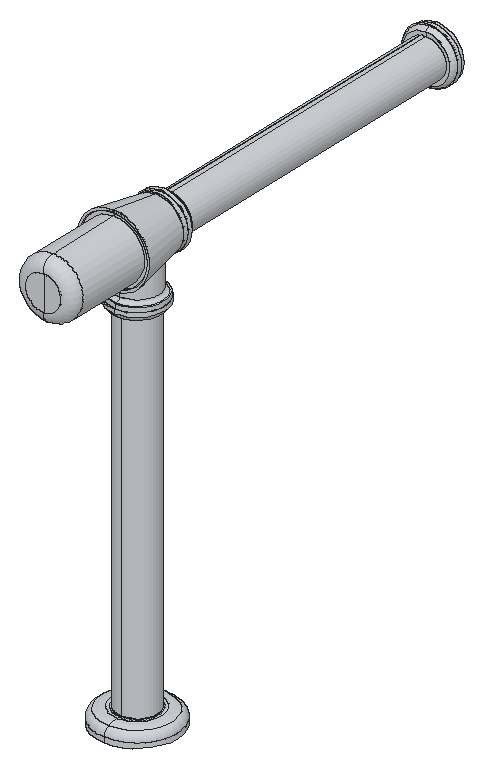
Revit family "Plumbing-Bottle_Trap-KOHLER-Complementary-K-75823IN", category Plumbing Fixtures, host Face, Revit 2022 (continued)
Definition of nested family "K-75823IN"
  Automatic sketch dimensions
    curve 96 to curve 95 = 0.01181"
    curve 244 to curve 243 = 0.01181"
    curve 95 to curve 94 = 0.0118"
    curve 243 to curve 242 = 0.01181"
    curve 94 to curve 93 = 0.01181"
    curve 242 to curve 241 = 0.01181"
    curve 93 to curve 92 = 0.01181"
    curve 241 to curve 240 = 0.01181"
    curve 92 to curve 91 = 0.0118"
    curve 240 to curve 239 = 0.01181"
    curve 91 to curve 90 = 0.01181"
    curve 239 to curve 238 = 0.01181"
    curve 90 to curve 89 = 0.01181"
    curve 238 to curve 237 = 0.01181"
    curve 89 to curve 88 = 0.01181"
    curve 237 to curve 236 = 0.01181"
    curve 88 to curve 87 = 0.01181"
    curve 236 to curve 235 = 0.01181"
    curve 87 to curve 86 = 0.01181"
    curve 235 to curve 234 = 0.01181"
    curve 86 to curve 85 = 0.0118"
    curve 234 to curve 233 = 0.01181"
    curve 85 to curve 84 = 0.01181"
    curve 233 to curve 232 = 0.01181"
    curve 84 to curve 83 = 0.01181"
    curve 232 to curve 231 = 0.01181"
    curve 83 to curve 82 = 0.0118"
    curve 231 to curve 230 = 0.01181"
    curve 82 to curve 81 = 0.01181"
    curve 230 to curve 229 = 0.01181"
    curve 81 to curve 80 = 0.01181"
    curve 229 to curve 228 = 0.01181"
    curve 80 to curve 79 = 0.0118"
    curve 228 to curve 227 = 0.01181"
    curve 79 to curve 78 = 0.01181"
    curve 227 to curve 226 = 0.01181"
    curve 78 to curve 77 = 0.01181"
    curve 226 to curve 225 = 0.01181"
    curve 77 to curve 76 = 0.01181"
    curve 225 to curve 224 = 0.01181"
    curve 76 to curve 75 = 0.01181"
    curve 224 to curve 223 = 0.01181"
    curve 75 to curve 74 = 0.01181"
    curve 223 to curve 222 = 0.01181"
    curve 74 to curve 73 = 0.0118"
    curve 222 to curve 221 = 0.01181"
    curve 73 to curve 72 = 0.01181"
    curve 221 to curve 220 = 0.01181"
    curve 72 to curve 71 = 0.01181"
    curve 220 to curve 219 = 0.01181"
    curve 71 to curve 70 = 0.0118"
    curve 219 to curve 218 = 0.01181"
    curve 70 to curve 69 = 0.01181"
    curve 218 to curve 217 = 0.01181"
    curve 69 to curve 68 = 0.01181"
    curve 217 to curve 216 = 0.01181"
    curve 68 to curve 67 = 0.0118"
    curve 216 to curve 215 = 0.01181"
    curve 67 to curve 66 = 0.01181"
    curve 215 to curve 214 = 0.01181"
    curve 66 to curve 65 = 0.01181"
    curve 214 to curve 213 = 0.01181"
    curve 65 to curve 64 = 0.01181"
    curve 213 to curve 212 = 0.01181"
    curve 64 to curve 63 = 0.01181"
    curve 212 to curve 211 = 0.01181"
    curve 211 to curve 13 = 0.00067"
    curve 63 to curve 12 = 0.01056"
    curve 63 to curve 62 = 0.01181"
    curve 211 to curve 210 = 0.01181"
    curve 62 to curve 61 = 0.0118"
    curve 210 to curve 209 = 0.01181"
    curve 61 to curve 60 = 0.01181"
    curve 209 to curve 208 = 0.01181"
    curve 60 to curve 59 = 0.01181"
    curve 208 to curve 207 = 0.01181"
    curve 59 to curve 58 = 0.0118"
    curve 207 to curve 206 = 0.01181"
    curve 58 to curve 57 = 0.01181"
    curve 206 to curve 205 = 0.01181"
    curve 57 to curve 56 = 0.01181"
    curve 205 to curve 204 = 0.01181"
    curve 56 to curve 55 = 0.0118"
    curve 204 to curve 203 = 0.01181"
    curve 55 to curve 54 = 0.01181"
    curve 203 to curve 202 = 0.01181"
    curve 54 to curve 53 = 0.01181"
    curve 202 to curve 201 = 0.01181"
    curve 53 to curve 52 = 0.01181"
    curve 201 to curve 200 = 0.01181"
    curve 52 to curve 51 = 0.01181"
    curve 10 to curve 5 = 0.09245"
    curve 200 to curve 199 = 0.01181"
    curve 51 to curve 50 = 0.01181"
    curve 199 to curve 198 = 0.01181"
    curve 50 to curve 49 = 0.0118"
    curve 198 to curve 197 = 0.01181"
    curve 49 to curve 48 = 0.01181"
    curve 197 to curve 196 = 0.01181"
    curve 48 to curve 47 = 0.01181"
    curve 196 to curve 195 = 0.01181"
    curve 47 to curve 46 = 0.0118"
    curve 195 to curve 194 = 0.01181"
    curve 46 to curve 45 = 0.01181"
    curve 194 to curve 193 = 0.01181"
    curve 44 to curve 11 = 0.01147"
    curve 193 to curve 192 = 0.01181"
    curve 8 to curve 42 = 0.01181"
    curve 15 to curve 190 = 0.01181"
    curve 42 to curve 41 = 0.01181"
    curve 41 to curve 7 = 0.0118"
    curve 1 to plane 7 = 0.33465"
    curve 9 to plane 7 = 0.13227"
    curve 265 to curve 14 = 0"
    curve 265 to curve 266 = 0"  (x2)
    curve 14 to curve 190 = 0"
    curve 13 to curve 286 = 0.15707"
    curve 12 to plane 4 = 0.08064"
    curve 8 to curve 41 = 0"
    curve 8 to curve 42 = 0"
    curve 117 to curve 8 = 0"
    curve 116 to curve 117 = 0"
    curve 110 to curve 110 = 0.11822"
    curve 2 to plane 5 = 0.33525"
    curve 9 to plane 5 = 0.33525"
    curve 1 to curve 9 = 0"
    curve 265 to curve 15 = 0"
    curve 15 to curve 190 = 0"
    curve 17 to plane 8 = 0"
    curve 711 to plane 1 "Center (Front/Back)" = 0"
    curve 562 to plane 9 = 0"
    curve 413 to plane 9 = 0"
    curve 19 to plane 5 = 0.41744"
    curve 23 to plane 4 = 0.55105"
    curve 19 to plane 4 = 0.41744"
    curve 23 to curve 25 = 0.19461"
    curve 25 to curve 564 = 0.11822"
    plane 11 to curve 29 = 0.25589"
    curve 29 to curve 416 = 0.11807"
    plane 8 to curve 18 = 0.15717"
    curve 18 to curve 19 = 0.11822"
    curve 724 to curve 21 = 0.8301"
    curve 29 to curve 413 = 0.8606"
    curve 21 to curve 25 = 0.00242"
    curve 415 to curve 30 = 0.01181"
    curve 489 to plane 12 = 0.28666"
    curve 30 to plane 12 = 0.28666"
    plane 1 "Center (Front/Back)" to curve 710 = 0.01169"
    curve 709 to curve 710 = 0.01181"
    curve 708 to curve 709 = 0.01181"
    curve 707 to curve 708 = 0.01181"
    curve 706 to curve 707 = 0.01181"
    curve 705 to curve 706 = 0.01181"
    curve 704 to curve 705 = 0.01181"
    curve 703 to curve 704 = 0.01181"
    curve 702 to curve 703 = 0.01181"
    curve 701 to curve 702 = 0.01181"
    curve 700 to curve 701 = 0.01181"
    curve 699 to curve 700 = 0.01181"
    curve 698 to curve 699 = 0.01181"
    curve 697 to curve 698 = 0.01181"
    curve 696 to curve 697 = 0.01181"
    curve 695 to curve 696 = 0.01181"
    curve 694 to curve 695 = 0.01181"
    curve 693 to curve 694 = 0.01181"
    curve 692 to curve 693 = 0.01181"
    curve 691 to curve 692 = 0.01181"
    curve 690 to curve 691 = 0.01181"
    curve 689 to curve 690 = 0.01181"
    curve 688 to curve 689 = 0.01181"
    curve 687 to curve 688 = 0.01181"
    curve 686 to curve 687 = 0.01181"
    curve 685 to curve 686 = 0.01181"
    curve 684 to curve 685 = 0.01181"
    curve 683 to curve 684 = 0.01181"
    curve 682 to curve 683 = 0.01181"
    curve 681 to curve 682 = 0.01181"
    curve 680 to curve 681 = 0.01181"
    curve 679 to curve 680 = 0.01181"
    curve 678 to curve 679 = 0.01181"
    curve 677 to curve 678 = 0.01181"
    curve 676 to curve 677 = 0.01181"
    curve 675 to curve 676 = 0.01181"
    curve 674 to curve 675 = 0.01181"
    curve 673 to curve 674 = 0.01181"
    curve 672 to curve 673 = 0.01181"
    curve 671 to curve 672 = 0.01181"
    curve 670 to curve 671 = 0.01181"
    curve 669 to curve 670 = 0.01181"
    curve 668 to curve 669 = 0.01181"
    curve 667 to curve 668 = 0.01181"
    curve 666 to curve 667 = 0.01181"
    curve 665 to curve 666 = 0.01181"
    curve 664 to curve 665 = 0.01181"
    curve 663 to curve 664 = 0.01181"
    curve 662 to curve 663 = 0.01181"
    curve 661 to curve 662 = 0.01181"
    curve 660 to curve 661 = 0.01181"
    curve 659 to curve 660 = 0.01181"
    plane 1 "Center (Front/Back)" to curve 16 = 0.62485"
    curve 17 to curve 659 = 0.0108"
    curve 658 to curve 659 = 0.01181"
    curve 657 to curve 658 = 0.01181"
    curve 656 to curve 657 = 0.01181"
    curve 655 to curve 656 = 0.01181"
    curve 654 to curve 655 = 0.01181"
    curve 653 to curve 654 = 0.01181"
    curve 652 to curve 653 = 0.01181"
    curve 651 to curve 652 = 0.01181"
    curve 650 to curve 651 = 0.01181"
    curve 649 to curve 650 = 0.01181"
    curve 648 to curve 649 = 0.01181"
    curve 647 to curve 648 = 0.01181"
    curve 646 to curve 647 = 0.01181"
    curve 645 to curve 646 = 0.01181"
    curve 644 to curve 645 = 0.01181"
    curve 20 to curve 644 = 0.00274"
    curve 643 to curve 644 = 0.01181"
    curve 642 to curve 643 = 0.01181"
    curve 21 to curve 20 = 0.02401"
    curve 641 to curve 642 = 0.01181"
    curve 640 to curve 641 = 0.01181"
    curve 639 to curve 640 = 0.01181"
    curve 637 to curve 19 = 0.01181"
    curve 22 to plane 5 = 0.33525"
    curve 711 to curve 785 = 0.01169"
    curve 785 to curve 784 = 0.01181"
    curve 784 to curve 783 = 0.01181"
    curve 783 to curve 782 = 0.01181"
    curve 782 to curve 781 = 0.01181"
    curve 781 to curve 780 = 0.01181"
    curve 780 to curve 779 = 0.01181"
    curve 779 to curve 778 = 0.01181"
    curve 778 to curve 777 = 0.01181"
    curve 777 to curve 776 = 0.01181"
    curve 776 to curve 775 = 0.01181"
    curve 775 to curve 774 = 0.01181"
    curve 774 to curve 773 = 0.01181"
    curve 773 to curve 772 = 0.01181"
    curve 772 to curve 771 = 0.01181"
    curve 771 to curve 770 = 0.01181"
    curve 770 to curve 769 = 0.01181"
    curve 769 to curve 768 = 0.01181"
    curve 768 to curve 767 = 0.01181"
    curve 767 to curve 766 = 0.01181"
    curve 766 to curve 765 = 0.01181"
    curve 765 to curve 764 = 0.01181"
    curve 764 to curve 763 = 0.01181"
    curve 763 to curve 762 = 0.01181"
    curve 762 to curve 761 = 0.01181"
    curve 761 to curve 760 = 0.01181"
    curve 760 to curve 759 = 0.01181"
    curve 759 to curve 758 = 0.01181"
    curve 758 to curve 757 = 0.01181"
    curve 757 to curve 756 = 0.01181"
    curve 756 to curve 755 = 0.01181"
    curve 755 to curve 754 = 0.01181"
    curve 754 to curve 753 = 0.01181"
    curve 753 to curve 752 = 0.01181"
    curve 752 to curve 751 = 0.01181"
    curve 751 to curve 750 = 0.01181"
    curve 750 to curve 749 = 0.01181"
    curve 749 to curve 748 = 0.01181"
    curve 748 to curve 747 = 0.01181"
    curve 747 to curve 746 = 0.01181"
    curve 746 to curve 745 = 0.01181"
    curve 745 to curve 744 = 0.01181"
    curve 744 to curve 743 = 0.01181"
    curve 743 to curve 742 = 0.01181"
    curve 742 to curve 741 = 0.01181"
    curve 741 to curve 740 = 0.01181"
    curve 740 to curve 739 = 0.01181"
    curve 739 to curve 738 = 0.01181"
    curve 738 to curve 737 = 0.01181"
    curve 737 to curve 736 = 0.01181"
    curve 736 to curve 735 = 0.01181"
    curve 735 to curve 734 = 0.01181"
    curve 734 to curve 17 = 0.0108"
    curve 16 to plane 1 "Center (Front/Back)" = 0.62485"
    curve 734 to curve 733 = 0.01181"
    curve 733 to curve 732 = 0.01181"
    curve 732 to curve 731 = 0.01181"
    curve 731 to curve 730 = 0.01181"
    curve 730 to curve 729 = 0.01181"
    curve 729 to curve 728 = 0.01181"
    curve 728 to curve 727 = 0.01181"
    curve 727 to curve 726 = 0.01181"
    curve 726 to curve 725 = 0.01181"
    curve 725 to curve 724 = 0.01181"
    curve 724 to curve 723 = 0.01181"
    curve 723 to curve 722 = 0.01181"
    curve 722 to curve 721 = 0.01181"
    curve 721 to curve 720 = 0.01181"
    curve 21 to curve 24 = 0.057"
    curve 720 to curve 719 = 0.01181"
    curve 719 to curve 20 = 0.00274"
    curve 719 to curve 718 = 0.01181"
    curve 718 to curve 717 = 0.01181"
    curve 717 to curve 716 = 0.01181"
    curve 716 to curve 715 = 0.01181"
    curve 715 to curve 714 = 0.01181"
    curve 18 to curve 712 = 0.01181"
    curve 488 to curve 25 = 0"
    curve 565 to curve 25 = 0"
    curve 563 to curve 25 = 0"
    curve 488 to curve 26 = 0.00014"
    curve 563 to curve 26 = 0.00014"
    curve 565 to curve 26 = 0.00014"
    curve 27 to plane 4 = 0.08064"
    curve 28 to curve 360 = 0.15707"
    curve 339 to curve 29 = 0"
    curve 341 to curve 29 = 0"
    curve 416 to curve 29 = 0"
    curve 414 to curve 29 = 0"
    curve 414 to curve 30 = 0"
    curve 415 to curve 30 = 0"
    curve 417 to curve 418 = 0"
    curve 341 to curve 30 = 0"
    curve 339 to curve 30 = 0"
    level to curve 16 = 0.47218"
    curve 715 to curve 714 = 0"  (x2)
    curve 18 to curve 712 = 0"
    curve 639 to curve 640 = 0"  (x2)
    curve 637 to curve 18 = 0"
    curve 637 to curve 19 = 0"
    curve 19 to curve 712 = 0"
    curve 644 to curve 20 = 0.13774"
    curve 20 to curve 21 = 0.43038"
    curve 21 to curve 22 = 0.18011"
    curve 414 to curve 29 = 0.01181"
    curve 563 to curve 26 = 0.01181"
    curve 25 to curve 565 = 0.01181"
    curve 565 to curve 566 = 0.01181"
    curve 416 to curve 417 = 0.01181"
    curve 417 to curve 418 = 0.01181"
    curve 566 to curve 567 = 0.01181"
    curve 418 to curve 419 = 0.01181"
    curve 567 to curve 568 = 0.01181"
    curve 419 to curve 420 = 0.01181"
    curve 568 to curve 569 = 0.01181"
    curve 420 to curve 421 = 0.01181"
    curve 569 to curve 570 = 0.01181"
    curve 421 to curve 422 = 0.01181"
    curve 570 to curve 571 = 0.01181"
    curve 422 to curve 423 = 0.01181"
    curve 571 to curve 572 = 0.01181"
    curve 21 to curve 24 = 0.10527"
    curve 423 to curve 424 = 0.01181"
    curve 572 to curve 573 = 0.01181"
    curve 424 to curve 425 = 0.01181"
    curve 573 to curve 574 = 0.01181"
    curve 574 to curve 575 = 0.01181"
    curve 425 to curve 426 = 0.01181"
    curve 575 to curve 576 = 0.01181"
    curve 426 to curve 427 = 0.01181"
    curve 427 to curve 428 = 0.01181"
    curve 576 to curve 577 = 0.01181"
    curve 428 to curve 429 = 0.01181"
    curve 577 to curve 578 = 0.01181"
    curve 578 to curve 579 = 0.01181"
    curve 429 to curve 430 = 0.01181"
    curve 430 to curve 431 = 0.01181"
    curve 579 to curve 580 = 0.01181"
    curve 580 to curve 581 = 0.01181"
    curve 431 to curve 432 = 0.01181"
    curve 581 to curve 582 = 0.01181"
    curve 432 to curve 433 = 0.01181"
    curve 433 to curve 434 = 0.01181"
    curve 582 to curve 583 = 0.01181"
    curve 434 to curve 28 = 0.01114"
    curve 583 to curve 27 = 0.01114"
    curve 434 to curve 435 = 0.01181"
    curve 583 to curve 584 = 0.01181"
    curve 435 to curve 436 = 0.01181"
    curve 584 to curve 585 = 0.01181"
    curve 585 to curve 586 = 0.01181"
    curve 436 to curve 437 = 0.01181"
    curve 437 to curve 438 = 0.01181"
    curve 586 to curve 587 = 0.01181"
    curve 587 to curve 588 = 0.01181"
    curve 438 to curve 439 = 0.01181"
    curve 439 to curve 440 = 0.01181"
    curve 588 to curve 589 = 0.01181"
    curve 589 to curve 590 = 0.01181"
    curve 440 to curve 441 = 0.01181"
    curve 441 to curve 442 = 0.01181"
    curve 590 to curve 591 = 0.01181"
    curve 591 to curve 592 = 0.01181"
    curve 442 to curve 443 = 0.01181"
    curve 592 to curve 593 = 0.01181"
    curve 443 to curve 444 = 0.01181"
    curve 444 to curve 445 = 0.01181"
    curve 593 to curve 594 = 0.01181"
    curve 594 to curve 595 = 0.01181"
    curve 445 to curve 446 = 0.01181"
    curve 595 to curve 596 = 0.01181"
    curve 446 to curve 447 = 0.01181"
    curve 596 to curve 597 = 0.01181"
    curve 447 to curve 448 = 0.01181"
    curve 597 to curve 598 = 0.01181"
    curve 448 to curve 449 = 0.01181"
    curve 449 to curve 450 = 0.01181"
    curve 598 to curve 599 = 0.01181"
    curve 599 to curve 600 = 0.01181"
    curve 450 to curve 451 = 0.01181"
    curve 600 to curve 601 = 0.01181"
    curve 451 to curve 452 = 0.01181"
    curve 452 to curve 453 = 0.01181"
    curve 601 to curve 602 = 0.01181"
    curve 453 to curve 454 = 0.01181"
    curve 602 to curve 603 = 0.01181"
    curve 603 to curve 604 = 0.01181"
    curve 454 to curve 455 = 0.01181"
    curve 604 to curve 605 = 0.01181"
    curve 455 to curve 456 = 0.01181"
    curve 605 to curve 606 = 0.01181"
    curve 456 to curve 457 = 0.01181"
    curve 457 to curve 458 = 0.01181"
    curve 606 to curve 607 = 0.01181"
    curve 607 to curve 608 = 0.01181"
    curve 458 to curve 459 = 0.01181"
    curve 459 to curve 460 = 0.01181"
    curve 608 to curve 609 = 0.01181"
    curve 609 to curve 610 = 0.01181"
    curve 460 to curve 461 = 0.01181"
    curve 610 to curve 611 = 0.01181"
    curve 461 to curve 462 = 0.01181"
    curve 611 to curve 612 = 0.01181"
    curve 462 to curve 463 = 0.01181"
    curve 463 to curve 464 = 0.01181"
    curve 612 to curve 613 = 0.01181"
    curve 464 to curve 465 = 0.01181"
    curve 613 to curve 614 = 0.01181"
    curve 614 to curve 615 = 0.01181"
    curve 465 to curve 466 = 0.01181"
    curve 466 to curve 467 = 0.01181"
    curve 615 to curve 616 = 0.01181"
    curve 467 to curve 468 = 0.01181"
    curve 616 to curve 617 = 0.01181"
    curve 468 to curve 469 = 0.01181"
    curve 617 to curve 618 = 0.01181"
    curve 469 to curve 470 = 0.01181"
    curve 618 to curve 619 = 0.01181"
    curve 470 to curve 471 = 0.01181"
    curve 619 to curve 620 = 0.01181"
    curve 620 to curve 621 = 0.01181"
    curve 471 to curve 472 = 0.01181"
    curve 472 to curve 473 = 0.01181"
    curve 621 to curve 622 = 0.01181"
    curve 622 to curve 623 = 0.01181"
    curve 473 to curve 474 = 0.01181"
    curve 623 to curve 624 = 0.01181"
    curve 474 to curve 475 = 0.01181"
    curve 475 to curve 476 = 0.01181"
    curve 624 to curve 625 = 0.01181"
    curve 625 to curve 626 = 0.01181"
    curve 476 to curve 477 = 0.01181"
    curve 626 to curve 627 = 0.01181"
    curve 477 to curve 478 = 0.01181"
    curve 478 to curve 479 = 0.01181"
    curve 627 to curve 628 = 0.01181"
    curve 628 to curve 629 = 0.01181"
    curve 479 to curve 480 = 0.01181"
    curve 629 to curve 630 = 0.01181"
    curve 480 to curve 481 = 0.01181"
    curve 630 to curve 631 = 0.01181"
    curve 481 to curve 482 = 0.01181"
    curve 631 to curve 632 = 0.01181"
    curve 482 to curve 483 = 0.01181"
    curve 483 to curve 484 = 0.01181"
    curve 632 to curve 633 = 0.01181"
    curve 484 to curve 485 = 0.01181"
    curve 633 to curve 634 = 0.01181"
    curve 634 to curve 635 = 0.01181"
    curve 485 to curve 486 = 0.01181"
    curve 636 to plane 9 = 0.0102"
    curve 487 to curve 413 = 0.0102"
    curve 562 to curve 561 = 0.0102"
    plane 9 to curve 412 = 0.0102"
    curve 412 to curve 411 = 0.01181"
    curve 561 to curve 560 = 0.01181"
    curve 560 to curve 559 = 0.01181"
    curve 411 to curve 410 = 0.01181"
    curve 410 to curve 409 = 0.01181"
    curve 559 to curve 558 = 0.01181"
    curve 558 to curve 557 = 0.01181"
    curve 409 to curve 408 = 0.01181"
    curve 408 to curve 407 = 0.01181"
    curve 557 to curve 556 = 0.01181"
    curve 407 to curve 406 = 0.01181"
    curve 556 to curve 555 = 0.01181"
    curve 555 to curve 554 = 0.01181"
    curve 406 to curve 405 = 0.01181"
    curve 554 to curve 553 = 0.01181"
    curve 405 to curve 404 = 0.01181"
    curve 553 to curve 552 = 0.01181"
    curve 404 to curve 403 = 0.01181"
    curve 403 to curve 402 = 0.01181"
    curve 552 to curve 551 = 0.01181"
    curve 551 to curve 550 = 0.01181"
    curve 402 to curve 401 = 0.01181"
    curve 401 to curve 400 = 0.01181"
    curve 550 to curve 549 = 0.01181"
    curve 549 to curve 548 = 0.01181"
    curve 400 to curve 399 = 0.01181"
    curve 548 to curve 547 = 0.01181"
    curve 399 to curve 398 = 0.01181"
    curve 547 to curve 546 = 0.01181"
    curve 398 to curve 397 = 0.01181"
    curve 397 to curve 396 = 0.01181"
    curve 546 to curve 545 = 0.01181"
    curve 396 to curve 395 = 0.01181"
    curve 545 to curve 544 = 0.01181"
    curve 395 to curve 394 = 0.01181"
    curve 544 to curve 543 = 0.01181"
    curve 394 to curve 393 = 0.01181"
    curve 543 to curve 542 = 0.01181"
    curve 393 to curve 392 = 0.01181"
    curve 542 to curve 541 = 0.01181"
    curve 392 to curve 391 = 0.01181"
    curve 541 to curve 540 = 0.01181"
    curve 391 to curve 390 = 0.01181"
    curve 540 to curve 539 = 0.01181"
    curve 390 to curve 389 = 0.01181"
    curve 539 to curve 538 = 0.01181"
    curve 538 to curve 537 = 0.01181"
    curve 389 to curve 388 = 0.01181"
    curve 537 to curve 536 = 0.01181"
    curve 388 to curve 387 = 0.01181"
    curve 387 to curve 386 = 0.01181"
    curve 536 to curve 535 = 0.01181"
    curve 386 to curve 385 = 0.01181"
    curve 535 to curve 534 = 0.01181"
    curve 385 to curve 384 = 0.01181"
    curve 534 to curve 533 = 0.01181"
    curve 384 to curve 383 = 0.01181"
    curve 533 to curve 532 = 0.01181"
    curve 383 to curve 382 = 0.01181"
    curve 532 to curve 531 = 0.01181"
    curve 382 to curve 381 = 0.01181"
    curve 531 to curve 530 = 0.01181"
    curve 530 to curve 529 = 0.01181"
    curve 381 to curve 380 = 0.01181"
    curve 529 to curve 528 = 0.01181"
    curve 380 to curve 379 = 0.01181"
    curve 379 to curve 378 = 0.01181"
    curve 528 to curve 527 = 0.01181"
    curve 527 to curve 526 = 0.01181"
    curve 378 to curve 377 = 0.01181"
    curve 526 to curve 525 = 0.01181"
    curve 377 to curve 376 = 0.01181"
    curve 525 to curve 524 = 0.01181"
    curve 376 to curve 375 = 0.01181"
    curve 524 to curve 523 = 0.01181"
    curve 375 to curve 374 = 0.01181"
    curve 374 to curve 373 = 0.01181"
    curve 523 to curve 522 = 0.01181"
    curve 522 to curve 521 = 0.01181"
    curve 373 to curve 372 = 0.01181"
    curve 521 to curve 520 = 0.01181"
    curve 372 to curve 371 = 0.01181"
    curve 520 to curve 519 = 0.01181"
    curve 371 to curve 370 = 0.01181"
    curve 370 to curve 369 = 0.01181"
    curve 519 to curve 518 = 0.01181"
    curve 369 to curve 368 = 0.01181"
    curve 518 to curve 517 = 0.01181"
    curve 517 to curve 516 = 0.01181"
    curve 368 to curve 367 = 0.01181"
    curve 516 to curve 515 = 0.01181"
    curve 367 to curve 366 = 0.01181"
    curve 515 to curve 514 = 0.01181"
    curve 366 to curve 365 = 0.01181"
    curve 514 to curve 513 = 0.01181"
    curve 365 to curve 364 = 0.01181"
    curve 513 to curve 512 = 0.01181"
    curve 364 to curve 363 = 0.01181"
    curve 512 to curve 511 = 0.01181"
    curve 363 to curve 362 = 0.01181"
    curve 511 to curve 510 = 0.01181"
    curve 362 to curve 361 = 0.01181"
    curve 510 to curve 509 = 0.01181"
    curve 361 to curve 360 = 0.01181"
    curve 509 to curve 27 = 0.00067"
    curve 360 to curve 28 = 0.00067"
    curve 509 to curve 508 = 0.01181"
    curve 360 to curve 359 = 0.01181"
    curve 508 to curve 507 = 0.01181"
    curve 359 to curve 358 = 0.01181"
    curve 507 to curve 506 = 0.01181"
    curve 358 to curve 357 = 0.01181"
    curve 357 to curve 356 = 0.01181"
    curve 506 to curve 505 = 0.01181"
    curve 356 to curve 355 = 0.01181"
    curve 505 to curve 504 = 0.01181"
    curve 504 to curve 503 = 0.01181"
    curve 355 to curve 354 = 0.01181"
    curve 503 to curve 502 = 0.01181"
    curve 354 to curve 353 = 0.01181"
    curve 353 to curve 352 = 0.01181"
    curve 502 to curve 501 = 0.01181"
    curve 352 to curve 351 = 0.01181"
    curve 501 to curve 500 = 0.01181"
    curve 351 to curve 350 = 0.01181"
    curve 500 to curve 499 = 0.01181"
    curve 350 to curve 349 = 0.01181"
    curve 499 to curve 498 = 0.01181"
    curve 498 to curve 23 = 0.00345"
    curve 23 to curve 24 = 0"
    curve 349 to curve 348 = 0.01181"
    curve 498 to curve 497 = 0.01181"
    curve 348 to curve 347 = 0.01181"
    curve 497 to curve 496 = 0.01181"
    curve 347 to curve 346 = 0.01181"
    curve 496 to curve 495 = 0.01181"
    curve 346 to curve 345 = 0.01181"
    curve 495 to curve 494 = 0.01181"
    curve 345 to curve 344 = 0.01181"
    curve 494 to curve 493 = 0.01181"
    curve 493 to curve 492 = 0.01181"
    curve 344 to curve 343 = 0.01181"
    curve 492 to curve 491 = 0.01181"
    curve 343 to curve 342 = 0.01181"
    curve 341 to curve 29 = 0.01181"
    curve 490 to curve 25 = 0.01181"
    curve 25 to curve 488 = 0.01181"
    curve 30 to curve 339 = 0.01181"
    curve 22 to plane 12 = 0.20238"
    curve 36 to curve 37 = 0"  (x3)
    curve 36 to curve 40 = 0"  (x3)
    curve 32 to plane 8 = 0"
    curve 40 to plane 9 = 0"
    curve 1057 to plane 3 "Center (Left/Right)" = 0.00032"
    curve 937 to plane 3 "Center (Left/Right)" = 0.03209"
    curve 1056 to curve 1056 = 0.03879"
    curve 1054 to curve 1055 = 0.01308"
    curve 938 to curve 937 = 0.02907"
    curve 1054 to curve 1055 = 0.02958"
    curve 939 to curve 938 = 0.03644"
    curve 1053 to curve 1053 = 0.0386"
    curve 1051 to curve 1052 = 0.01082"
    curve 941 to curve 939 = 0.02961"
    curve 1050 to curve 1052 = 0.02935"
    curve 942 to curve 941 = 0.03832"
    curve 1050 to curve 1050 = 0.03818"
    curve 943 to curve 942 = 0.00957"
    curve 1049 to curve 1049 = 0.0085"
    curve 945 to curve 942 = 0.02967"
    curve 1048 to curve 1049 = 0.02895"
    curve 946 to curve 944 = 0.03395"
    curve 1047 to curve 1047 = 0.03753"
    curve 1045 to curve 1046 = 0.00613"
    curve 948 to curve 945 = 0.02908"
    curve 1044 to curve 1046 = 0.02836"
    curve 949 to curve 947 = 0.03311"
    curve 949 to curve 948 = 0.00463"
    curve 1043 to curve 1044 = 0.03665"
    curve 1043 to curve 1043 = 0.00372"
    curve 950 to curve 948 = 0.02881"
    curve 1042 to curve 1043 = 0.0276"
    curve 951 to curve 950 = 0.03168"
    curve 952 to curve 951 = 0.002"
    curve 1040 to curve 1041 = 0.03554"
    curve 1039 to curve 1040 = 0.00128"
    curve 954 to curve 951 = 0.02694"
    curve 1038 to curve 1040 = 0.02668"
    curve 956 to curve 953 = 0.03419"
    curve 955 to curve 955 = 0.00044"
    curve 1037 to curve 1038 = 0.03307"
    curve 1037 to curve 1036 = 0.00116"
    curve 957 to curve 954 = 0.0259"
    curve 1036 to curve 1037 = 0.02559"
    curve 957 to curve 956 = 0.03316"
    curve 1033 to curve 1035 = 0.0291"
    curve 1034 to curve 1033 = 0.00359"
    curve 960 to curve 957 = 0.0247"
    curve 1032 to curve 1034 = 0.02435"
    curve 961 to curve 959 = 0.02619"
    curve 961 to curve 961 = 0.0053"
    curve 1030 to curve 1032 = 0.02497"
    curve 1032 to curve 1030 = 0.006"
    curve 962 to curve 960 = 0.02335"
    curve 1030 to curve 1031 = 0.02296"
    curve 964 to curve 962 = 0.02194"
    curve 963 to curve 964 = 0.00769"
    curve 1027 to curve 1029 = 0.02068"
    curve 1029 to curve 1027 = 0.00838"
    curve 966 to curve 963 = 0.02185"
    curve 1026 to curve 1028 = 0.02143"
    curve 968 to curve 965 = 0.01756"
    curve 966 to curve 967 = 0.01003"
    curve 1025 to curve 1026 = 0.01626"
    curve 1025 to curve 1024 = 0.0107"
    curve 969 to curve 966 = 0.02023"
    curve 1024 to curve 1025 = 0.01977"
    curve 1022 to curve 1023 = 0.01175"
    curve 39 to curve 1029 = 0.10918"
    curve 969 to curve 968 = 0.02538"
    curve 1023 to curve 1021 = 0.01296"
    curve 972 to curve 969 = 0.01848"
    curve 974 to curve 971 = 0.0085"
    curve 1021 to curve 1022 = 0.01799"
    curve 1018 to curve 1020 = 0.00716"
    curve 973 to curve 973 = 0.01452"
    curve 1020 to curve 1018 = 0.01514"
    curve 975 to curve 972 = 0.01662"
    curve 976 to curve 974 = 0.00388"
    curve 1018 to curve 1019 = 0.0161"
    curve 1016 to plane 9 = 0.40444"
    curve 1016 to curve 1017 = 0.00253"
    curve 976 to curve 976 = 0.01664"
    curve 1016 to curve 1015 = 0.01723"
    plane 9 to curve 979 = 0.36196"
    curve 977 to curve 975 = 0.01466"
    curve 1012 to plane 9 = 0.34497"
    curve 1015 to curve 1016 = 0.01411"
    curve 978 to curve 979 = 0.01866"
    curve 1013 to curve 1012 = 0.01921"
    curve 981 to curve 978 = 0.0126"
    curve 1009 to plane 9 = 0.2834"
    curve 1012 to curve 1013 = 0.01204"
    curve 981 to curve 980 = 0.01516"
    plane 9 to curve 985 = 0.2381"
    curve 1011 to curve 1009 = 0.02108"
    curve 984 to curve 981 = 0.01048"
    plane 9 to curve 988 = 0.17382"
    curve 1009 to curve 1010 = 0.0099"
    curve 1003 to plane 9 = 0.15548"
    curve 984 to curve 985 = 0.02235"
    plane 9 to curve 991 = 0.10847"
    curve 1007 to curve 1008 = 0.01148"
    curve 1000 to plane 9 = 0.08991"
    curve 987 to curve 984 = 0.00829"
    curve 998 to plane 9 = 0.02379"
    curve 1005 to plane 9 = 0.21292"
    curve 1005 to curve 1007 = 0.00769"
    plane 9 to curve 988 = 0.19399"
    curve 988 to curve 988 = 0.02399"
    curve 1005 to plane 9 = 0.17508"
    curve 1005 to curve 1003 = 0.02442"
    curve 34 to plane 6 = 0.41744"
    plane 9 to curve 990 = 0.16497"
    curve 990 to curve 987 = 0.00604"
    curve 1002 to plane 9 = 0.14594"
    curve 1002 to curve 1004 = 0.00544"
    plane 9 to curve 991 = 0.12671"
    curve 991 to curve 991 = 0.02549"
    curve 1001 to plane 9 = 0.10755"
    curve 1001 to curve 1000 = 0.02587"
    plane 9 to curve 993 = 0.09731"
    curve 993 to curve 990 = 0.00377"
    curve 999 to plane 9 = 0.07807"
    curve 999 to curve 1001 = 0.00315"
    plane 9 to curve 994 = 0.05867"
    curve 994 to curve 992 = 0.00346"
    curve 999 to plane 9 = 0.03936"
    curve 999 to curve 997 = 0.02717"
    plane 9 to curve 996 = 0.02907"
    curve 996 to curve 993 = 0.00146"
    curve 997 to plane 9 = 0.00973"
    curve 997 to curve 998 = 0.00085"
    curve 1177 to plane 6 = 0.09666"
    plane 3 "Center (Left/Right)" to curve 935 = 0.00364"
    plane 3 "Center (Left/Right)" to curve 1057 = 0.01406"
    plane 3 "Center (Left/Right)" to curve 935 = 0.01736"
    plane 3 "Center (Left/Right)" to curve 1059 = 0.02931"
    curve 935 to curve 936 = 0.02685"
    curve 936 to curve 936 = 0.03562"
    curve 1058 to curve 1059 = 0.03874"
    curve 1059 to curve 1060 = 0.01217"
    curve 936 to curve 1174 = 0.03116"
    curve 1059 to curve 1062 = 0.02951"
    curve 1173 to curve 1173 = 0.03639"
    curve 1061 to curve 1062 = 0.03846"
    curve 1062 to curve 1063 = 0.00988"
    curve 1172 to curve 1171 = 0.02814"
    curve 1062 to curve 1065 = 0.0292"
    curve 1170 to curve 1170 = 0.03594"
    curve 1064 to curve 1066 = 0.03794"
    curve 1065 to curve 1067 = 0.00754"
    curve 1169 to curve 1168 = 0.02799"
    curve 1065 to curve 1068 = 0.02871"
    curve 1167 to curve 1166 = 0.03485"
    curve 1166 to curve 1166 = 0.00542"
    curve 1067 to curve 1068 = 0.03719"
    curve 1068 to curve 1069 = 0.00514"
    curve 1166 to curve 1164 = 0.02816"
    curve 1068 to curve 1071 = 0.02805"
    curve 1164 to curve 1163 = 0.03634"
    curve 1163 to curve 1162 = 0.003"
    curve 1070 to curve 1072 = 0.03622"
    curve 1071 to curve 1073 = 0.00272"
    curve 1163 to curve 1161 = 7/256"
    curve 1071 to curve 1074 = 0.02722"
    curve 1161 to curve 1161 = 0.03518"
    curve 1160 to curve 1159 = 0.00057"
    curve 1073 to curve 1075 = 0.03502"
    curve 1074 to curve 1075 = 0.00028"
    curve 1160 to curve 1159 = 0.02638"
    curve 1074 to curve 1077 = 0.02622"
    curve 1157 to plane 12 = 0.42345"
    curve 1156 to curve 1157 = 0.00187"
    curve 1076 to curve 1077 = 0.03362"
    curve 1157 to curve 1156 = 0.02524"
    curve 1077 to curve 1079 = 0.02507"
    curve 1154 to plane 12 = 0.46038"
    curve 1153 to curve 1155 = 0.0043"
    curve 1079 to curve 1081 = 0.02741"
    curve 1081 to curve 1080 = 0.00459"
    curve 1154 to curve 1152 = 0.02396"
    curve 1080 to curve 1083 = 0.02376"
    curve 1082 to curve 1084 = 0.02321"
    curve 1152 to curve 1152 = 0.03042"
    curve 1084 to curve 1084 = 0.00699"
    curve 1151 to curve 1149 = 0.02253"
    curve 1083 to curve 1086 = 0.02231"
    curve 1147 to plane 12 = 0.54651"
    curve 1088 to plane 9 = 0.5946"
    curve 1147 to curve 1149 = 0.00906"
    curve 1087 to curve 1086 = 0.00935"
    curve 1148 to curve 1146 = 0.02096"
    curve 1086 to curve 1088 = 0.02072"
    plane 9 to curve 1145 = 0.55208"
    curve 1090 to plane 9 = 0.54547"
    curve 1144 to curve 1146 = 0.01137"
    curve 1090 to curve 1089 = 0.01165"
    curve 1085 to curve 38 = 0.08736"
    curve 1145 to curve 1144 = 0.01926"
    curve 1089 to curve 1091 = 0.019"
    plane 9 to curve 1141 = 0.50005"
    curve 1093 to plane 9 = 0.49302"
    curve 1141 to curve 1142 = 0.01361"
    curve 1093 to curve 1093 = 0.01388"
    curve 1142 to curve 1140 = 0.01745"
    curve 1092 to curve 1095 = 0.01718"
    plane 9 to curve 1138 = 0.44498"
    curve 1097 to plane 9 = 0.43758"
    curve 1138 to curve 1140 = 0.01576"
    curve 1096 to curve 1096 = 0.01603"
    curve 1139 to curve 1138 = 0.01553"
    plane 9 to curve 1135 = 0.3872"
    curve 1095 to curve 1097 = 0.01524"
    curve 1100 to plane 9 = 0.37948"
    curve 1135 to curve 1136 = 0.01782"
    curve 1099 to curve 1098 = 0.01808"
    plane 9 to curve 1132 = 0.32708"
    curve 1103 to plane 9 = 0.31908"
    curve 1136 to curve 1134 = 0.01351"
    curve 1098 to curve 1101 = 0.01322"
    curve 1132 to curve 1133 = 0.01977"
    plane 9 to curve 1130 = 0.26497"
    curve 1102 to curve 1102 = 0.02002"
    curve 1106 to plane 9 = 0.25673"
    curve 1133 to curve 1132 = 0.01142"
    curve 1101 to curve 1103 = 0.01111"
    plane 9 to curve 1127 = 0.20124"
    curve 1109 to plane 9 = 0.19283"
    curve 1129 to curve 1130 = 0.0216"
    curve 1105 to curve 1104 = 0.02184"
    curve 1130 to curve 1128 = 0.00925"
    plane 9 to curve 1123 = 0.1363"
    curve 1112 to plane 9 = 0.12775"
    curve 1104 to curve 1107 = 0.00894"
    plane 9 to curve 1120 = 0.07053"
    curve 1115 to plane 9 = 0.0619"
    curve 1126 to curve 1128 = 0.0233"
    plane 9 to curve 1118 = 0.00433"
    curve 1108 to plane 9 = 0.21355"
    curve 1108 to curve 1108 = 0.02352"
    plane 9 to curve 1125 = 0.19336"
    curve 1127 to curve 1125 = 0.00703"
    curve 1110 to plane 9 = 0.18467"
    curve 1107 to curve 1110 = 0.00671"
    curve 34 to plane 7 = 0.41744"
    plane 9 to curve 1125 = 0.15533"
    curve 1123 to curve 1125 = 0.02486"
    curve 1110 to plane 9 = 0.14657"
    curve 1111 to curve 1110 = 0.02506"
    plane 9 to curve 1122 = 0.12608"
    curve 1124 to curve 1122 = 0.00477"
    curve 1112 to plane 9 = 0.11727"
    curve 1110 to curve 1112 = 0.00444"
    plane 9 to curve 1121 = 0.08756"
    curve 1120 to curve 1121 = 0.02627"
    curve 1114 to plane 9 = 0.07871"
    curve 1114 to curve 1114 = 0.02645"
    plane 9 to curve 1119 = 0.05803"
    curve 1121 to curve 1119 = 0.00248"
    curve 1116 to plane 9 = 0.04915"
    curve 1113 to curve 1116 = 0.00214"
    plane 9 to curve 1118 = 0.01926"
    curve 1117 to curve 1118 = 0.02752"
    curve 1117 to plane 9 = 0.01037"
    curve 1118 to curve 1117 = 0.00017"
    curve 1176 to plane 7 = 0.09666"
    plane 8 to curve 33 = 0.15717"
    curve 33 to curve 862 = 0.11822"
    curve 1057 to curve 1057 = 0.02785"
    curve 1056 to curve 1059 = 0.00051"
    curve 1056 to curve 1054 = 0.02845"
    curve 1059 to curve 1060 = 0.02888"
    curve 1055 to curve 1053 = 0.0018"
    curve 1059 to curve 1061 = 0.00281"
    curve 1052 to curve 1051 = 0.02938"
    curve 1062 to curve 1063 = 0.02975"
    curve 1052 to curve 1051 = 0.0041"
    curve 1062 to curve 1064 = 0.0051"
    curve 1050 to curve 1048 = 0.03013"
    curve 1065 to curve 1066 = 0.03042"
    curve 1049 to curve 1047 = 0.00638"
    curve 1065 to curve 1067 = 0.00736"
    curve 1046 to curve 1045 = 0.0307"
    curve 1068 to curve 1069 = 0.03092"
    curve 1046 to curve 1045 = 0.00861"
    curve 1068 to curve 1070 = 0.00958"
    curve 1044 to curve 1042 = 0.03109"
    curve 1072 to curve 1072 = 0.03123"
    curve 1043 to curve 1041 = 0.01079"
    curve 1071 to curve 1073 = 3/256"
    curve 1041 to curve 1039 = 0.03128"
    curve 1074 to curve 1075 = 0.03134"
    curve 1040 to curve 1038 = 0.01291"
    curve 1177 to curve 1018 = 0.30978"
    curve 38 to curve 1084 = 0.13111"
    curve 1074 to curve 1077 = 0.01382"
    curve 1038 to curve 1036 = 0.03129"
    curve 1076 to curve 1078 = 0.01938"
    curve 1037 to curve 1036 = 0.01495"
    curve 1077 to curve 1080 = 0.01582"
    curve 1034 to curve 1033 = 0.0311"
    curve 1081 to curve 1081 = 0.03101"
    curve 1034 to curve 1032 = 0.0169"
    curve 1080 to curve 1082 = 0.01772"
    curve 1032 to curve 1030 = 0.03073"
    curve 1084 to curve 1084 = 0.03055"
    curve 1031 to curve 1030 = 0.01874"
    curve 1083 to curve 1086 = 5/256"
    curve 1028 to curve 1027 = 0.03017"
    curve 1086 to curve 1087 = 0.02992"
    curve 1028 to curve 1027 = 0.02047"
    curve 1086 to curve 1088 = 0.02119"
    curve 1026 to curve 1024 = 0.02942"
    curve 1090 to curve 1090 = 0.0291"
    curve 1025 to curve 1024 = 0.02208"
    curve 1089 to curve 1092 = 0.02274"
    curve 1023 to curve 1021 = 0.0285"
    curve 1093 to curve 1093 = 0.0281"
    curve 1022 to curve 1021 = 0.02355"
    curve 1092 to curve 1094 = 0.02416"
    curve 1020 to curve 1018 = 0.02741"
    curve 1095 to curve 1096 = 0.02693"
    curve 1019 to curve 1018 = 0.02488"
    curve 1095 to curve 1097 = 0.02542"
    curve 1016 to curve 1015 = 0.02614"
    curve 1098 to curve 1099 = 0.0256"
    curve 1016 to curve 1015 = 0.02606"
    curve 1098 to curve 1101 = 0.02653"
    curve 1014 to curve 1012 = 0.02472"
    curve 1102 to curve 1102 = 0.02412"
    curve 1013 to curve 1012 = 0.02708"
    curve 1101 to curve 1104 = 0.02748"
    curve 1010 to curve 1009 = 0.02315"
    curve 1105 to curve 1105 = 0.02248"
    curve 1010 to curve 1008 = 0.02794"
    curve 1104 to curve 1107 = 0.02826"
    curve 1007 to curve 1005 = 0.02862"
    curve 1125 to curve 1128 = 0.02879"
    curve 987 to curve 985 = 0.00648"
    curve 1129 to curve 1129 = 0.0055"
    curve 986 to curve 984 = 0.02846"
    curve 1128 to curve 1130 = 0.02816"
    curve 984 to curve 984 = 0.03679"
    curve 1131 to curve 1132 = 0.00308"
    curve 983 to curve 981 = 0.02773"
    curve 1131 to curve 1134 = 7/256"
    curve 980 to curve 979 = 0.00164"
    curve 1134 to curve 1135 = 0.00064"
    curve 980 to curve 978 = 0.02683"
    curve 1134 to curve 1136 = 0.02638"
    curve 976 to curve 977 = 0.0008"
    curve 1138 to curve 1138 = 0.00181"
    curve 977 to curve 976 = 0.02576"
    curve 1137 to curve 1139 = 0.02525"
    curve 973 to curve 975 = 0.00323"
    curve 1141 to curve 1140 = 0.00424"
    curve 974 to curve 973 = 0.02454"
    curve 1140 to curve 1142 = 0.02396"
    curve 972 to curve 971 = 1/32"
    curve 1144 to curve 1143 = 0.00664"
    curve 971 to curve 969 = 0.02317"
    curve 1143 to curve 1145 = 0.02253"
    curve 967 to curve 968 = 0.00803"
    curve 1147 to curve 1146 = 0.00901"
    curve 968 to curve 966 = 0.02166"
    curve 1146 to curve 1149 = 0.02096"
    curve 964 to curve 965 = 0.01036"
    curve 1148 to curve 1149 = 0.02638"
    curve 965 to curve 963 = 0.02002"
    curve 1149 to curve 1152 = 0.01926"
    curve 961 to curve 962 = 0.01263"
    curve 1153 to curve 1152 = 0.01356"
    curve 962 to curve 961 = 0.01826"
    curve 1152 to curve 1154 = 0.01745"
    curve 960 to curve 960 = 0.02266"
    curve 1156 to curve 1156 = 0.01572"
    curve 959 to curve 957 = 0.01639"
    curve 1155 to curve 1158 = 0.01553"
    curve 955 to curve 956 = 0.01693"
    curve 1159 to curve 1159 = 0.01779"
    curve 956 to curve 955 = 0.01441"
    curve 1158 to curve 1160 = 0.01352"
    curve 952 to curve 953 = 0.01893"
    curve 952 to curve 950 = 0.02278"
    curve 1162 to curve 1162 = 0.01974"
    curve 953 to curve 951 = 0.01235"
    curve 1161 to curve 1164 = 0.01142"
    curve 949 to curve 951 = 0.02151"
    curve 950 to curve 949 = 0.0109"
    curve 1165 to curve 1165 = 0.02158"
    curve 948 to curve 943 = 0.00304"
    curve 1164 to curve 1167 = 0.00926"
    curve 948 to curve 947 = 0.01067"
    curve 947 to curve 946 = 0.00874"
    curve 1166 to curve 1167 = 0.01001"
    curve 943 to curve 1178 = 0.01827"
    curve 1167 to curve 1170 = 0.00707"
    curve 943 to curve 945 = 0.02447"
    curve 944 to curve 943 = 0.0067"
    curve 1169 to curve 1170 = 0.00735"
    curve 1170 to curve 1173 = 0.00506"
    curve 942 to curve 941 = 0.00603"
    curve 1172 to curve 1174 = 0.00453"
    curve 941 to curve 939 = 0.00427"
    curve 939 to curve 938 = 0.00285"
    curve 1173 to curve 936 = 0.00533"
    curve 935 to curve 936 = 0"
    curve 860 to plane 3 "Center (Left/Right)" = 0.00012"
    curve 934 to curve 860 = 0.01157"
    curve 933 to curve 934 = 0.01181"
    curve 932 to curve 933 = 0.01181"
    curve 938 to curve 938 = 0.01566"
    curve 937 to curve 938 = 0.00062"
    curve 931 to curve 932 = 0.01181"
    curve 930 to curve 931 = 0.01181"
    curve 929 to curve 930 = 0.01181"
    curve 928 to curve 929 = 0.01181"
    curve 927 to curve 928 = 0.01181"
    curve 926 to curve 927 = 0.01181"
    curve 941 to curve 940 = 0.01793"
    curve 941 to curve 940 = 0.00021"
    curve 925 to curve 926 = 0.01181"
    curve 924 to curve 925 = 0.01181"
    curve 923 to curve 924 = 0.01181"
    curve 922 to curve 923 = 0.01181"
    curve 921 to curve 922 = 0.01181"
    curve 920 to curve 921 = 0.01181"
    curve 919 to curve 920 = 0.01181"
    curve 918 to curve 919 = 0.01181"
    curve 917 to curve 918 = 0.01181"
    curve 916 to curve 917 = 0.01181"
    curve 947 to curve 946 = 0.02217"
    curve 915 to curve 916 = 0.01181"
    curve 947 to curve 946 = 0.00067"
    curve 914 to curve 915 = 0.01181"
    curve 913 to curve 914 = 0.01181"
    curve 912 to curve 913 = 0.01181"
    curve 911 to curve 912 = 0.01181"
    curve 910 to curve 911 = 0.01181"
    curve 909 to curve 910 = 0.01181"
    curve 908 to curve 909 = 0.01181"
    curve 907 to curve 908 = 0.01181"
    curve 906 to curve 907 = 0.01181"
    curve 905 to curve 906 = 0.01181"
    curve 904 to curve 905 = 0.01181"
    curve 903 to curve 904 = 0.01181"
    curve 902 to curve 903 = 0.01181"
    curve 901 to curve 902 = 0.01181"
    curve 900 to curve 901 = 0.01181"
    curve 899 to curve 900 = 0.01181"
    curve 898 to curve 899 = 0.01181"
    curve 897 to curve 898 = 0.01181"
    curve 896 to curve 897 = 0.01181"
    curve 958 to plane 12 = 0.43859"
    curve 959 to plane 12 = 0.43859"
    curve 895 to curve 896 = 0.01181"
    curve 894 to curve 895 = 0.01181"
    curve 893 to curve 894 = 0.01181"
    curve 892 to curve 893 = 0.01181"
    curve 891 to curve 892 = 0.01181"
    curve 890 to curve 891 = 0.01181"
    curve 889 to curve 890 = 0.01181"
    curve 888 to curve 889 = 0.01181"
    curve 887 to curve 888 = 0.01181"
    curve 886 to curve 887 = 0.01181"
    curve 885 to curve 886 = 0.01181"
    curve 884 to curve 885 = 0.01181"
    curve 883 to curve 884 = 0.01181"
    curve 32 to curve 883 = 0.0108"
    curve 31 to plane 3 "Center (Left/Right)" = 0.62485"
    curve 882 to curve 883 = 0.01181"
    curve 881 to curve 882 = 0.01181"
    curve 880 to curve 881 = 0.01181"
    curve 879 to curve 880 = 0.01181"
    plane 9 to curve 970 = 0.53039"
    plane 9 to curve 971 = 0.53039"
    curve 878 to curve 879 = 0.01181"
    curve 877 to curve 878 = 0.01181"
    curve 876 to curve 877 = 0.01181"
    curve 875 to curve 876 = 0.01181"
    curve 874 to curve 875 = 0.01181"
    curve 873 to curve 874 = 0.01181"
    curve 872 to curve 873 = 0.01181"
    curve 1177 to curve 1019 = 0.0232"
    curve 871 to curve 872 = 0.01181"
    curve 870 to curve 871 = 0.01181"
    curve 869 to curve 870 = 0.01181"
    curve 868 to curve 869 = 0.01181"
    curve 35 to curve 868 = 0.00274"
    plane 9 to curve 983 = 0.30095"
    plane 9 to curve 982 = 0.30095"
    curve 867 to curve 868 = 0.01181"
    curve 866 to curve 867 = 0.01181"
    curve 1007 to plane 9 = 0.22011"
    curve 1006 to plane 9 = 0.22011"
    curve 865 to curve 866 = 0.01181"
    curve 864 to curve 865 = 0.01181"
    plane 9 to curve 994 = 0.04247"
    plane 9 to curve 995 = 0.04247"
    curve 34 to curve 863 = 0.01181"
    curve 861 to curve 34 = 0.01181"
    plane 3 "Center (Left/Right)" to curve 859 = 0.01169"
    curve 859 to curve 858 = 0.01181"
    curve 858 to curve 857 = 0.01181"
    curve 857 to curve 856 = 0.01181"
    curve 856 to curve 855 = 0.01181"
    curve 855 to curve 854 = 0.01181"
    curve 1175 to curve 1173 = 0.01765"
    curve 1175 to curve 1174 = 0.00072"
    curve 854 to curve 853 = 0.01181"
    curve 853 to curve 852 = 0.01181"
    curve 852 to curve 851 = 0.01181"
    curve 851 to curve 850 = 0.01181"
    curve 850 to curve 849 = 0.01181"
    curve 849 to curve 848 = 0.01181"
    curve 1172 to curve 1171 = 0.00917"
    curve 1171 to curve 1172 = 0.00108"
    curve 848 to curve 847 = 0.01181"
    curve 847 to curve 846 = 0.01181"
    curve 846 to curve 845 = 0.01181"
    curve 845 to curve 844 = 0.01181"
    curve 844 to curve 843 = 0.01181"
    curve 1169 to curve 1168 = 0.00708"
    curve 1168 to curve 1169 = 0.00077"
    curve 843 to curve 842 = 0.01181"
    curve 842 to curve 841 = 0.01181"
    curve 841 to curve 840 = 0.01181"
    curve 840 to curve 839 = 0.01181"
    curve 839 to curve 838 = 0.01181"
    curve 838 to curve 837 = 0.01181"
    curve 837 to curve 836 = 0.01181"
    curve 836 to curve 835 = 0.01181"
    curve 835 to curve 834 = 0.01181"
    curve 834 to curve 833 = 0.01181"
    curve 833 to curve 832 = 0.01181"
    curve 832 to curve 831 = 0.01181"
    curve 831 to curve 830 = 0.01181"
    curve 830 to curve 829 = 0.01181"
    curve 829 to curve 828 = 0.01181"
    curve 828 to curve 827 = 0.01181"
    curve 827 to curve 826 = 0.01181"
    curve 826 to curve 825 = 0.01181"
    curve 825 to curve 824 = 0.01181"
    curve 824 to curve 823 = 0.01181"
    curve 823 to curve 822 = 0.01181"
    curve 1078 to curve 1079 = 0.02723"
    curve 1079 to curve 1078 = 0"
    curve 822 to curve 821 = 0.01181"
    curve 821 to curve 820 = 0.01181"
    curve 820 to curve 819 = 0.01181"
    curve 819 to curve 818 = 0.01181"
    curve 818 to curve 817 = 0.01181"
    curve 817 to curve 816 = 0.01181"
    curve 816 to curve 815 = 0.01181"
    curve 815 to curve 814 = 0.01181"
    curve 1151 to plane 12 = 0.50148"
    curve 1150 to plane 12 = 0.50148"
    curve 814 to curve 813 = 0.01181"
    curve 813 to curve 812 = 0.01181"
    curve 812 to curve 811 = 0.01181"
    curve 811 to curve 810 = 0.01181"
    curve 810 to curve 809 = 0.01181"
    curve 809 to curve 808 = 0.01181"
    plane 3 "Center (Left/Right)" to curve 31 = 0.62485"
    curve 808 to curve 32 = 0.0108"
    curve 808 to curve 807 = 0.01181"
    curve 807 to curve 806 = 0.01181"
    curve 806 to curve 805 = 0.01181"
    curve 805 to curve 804 = 0.01181"
    curve 804 to curve 803 = 0.01181"
    curve 803 to curve 802 = 0.01181"
    curve 802 to curve 801 = 0.01181"
    curve 801 to curve 800 = 0.01181"
    curve 800 to curve 799 = 0.01181"
    curve 799 to curve 798 = 0.01181"
    curve 798 to curve 797 = 0.01181"
    curve 797 to curve 796 = 0.01181"
    curve 796 to curve 795 = 0.01181"
    curve 795 to curve 794 = 0.01181"
    curve 794 to curve 793 = 0.01181"
    curve 793 to curve 35 = 0.00274"
    curve 793 to curve 792 = 0.01181"
    curve 792 to curve 791 = 0.01181"
    curve 791 to curve 790 = 0.01181"
    curve 790 to curve 789 = 0.01181"
    curve 788 to curve 34 = 0.01181"
    curve 34 to curve 786 = 0.01181"
    level to curve 31 = 0.47218"
    curve 786 to curve 33 = 0"
    curve 861 to curve 33 = 0"
    curve 861 to curve 34 = 0"
    curve 786 to curve 34 = 0"
    curve 868 to curve 35 = 0.13774"
    curve 39 to curve 39 = 0.15564"
    curve 38 to curve 1176 = 0.15564"
    Masking region 1 sketch curve to Masking region 1 sketch curve = 0"  (x2)
    plane 11 to Masking region 1 sketch curve = 0"
    plane 10 to Masking region 1 sketch curve = 0"
    plane 1 "Center (Front/Back)" to Masking region 1 sketch curve = 0"
    Masking region 1 sketch curve to plane 3 "Center (Left/Right)" = 0"
    Masking region 1 sketch curve to plane 3 "Center (Left/Right)" = 0.55118"
    plane 11 to Masking region 1 sketch curve = 0.20684"  (x2)
    Masking region 1 sketch curve to plane 3 "Center (Left/Right)" = 0.59021"
    Masking region 1 sketch curve to plane 4 = 0.27974"  (x2)
    Masking region 1 sketch curve to plane 3 "Center (Left/Right)" = 0.59964"
    Masking region 1 sketch curve to Masking region 1 sketch curve = 0.03484"
    Masking region 1 sketch curve to Masking region 1 sketch curve = 0.13132"  (x2)
    Masking region 1 sketch curve to Masking region 1 sketch curve = 0.13246"  (x2)
    Masking region 1 sketch curve to Masking region 1 sketch curve = 0.25993"  (x2)
    Masking region 1 sketch curve to Masking region 1 sketch curve = 0.0928"  (x2)
    Masking region 1 sketch curve to Masking region 1 sketch curve = 0.00025"  (x2)
    Masking region 1 sketch curve to Masking region 1 sketch curve = 0.03384"  (x2)
    Masking region 1 sketch curve to Masking region 1 sketch curve = 0.03576"  (x2)
    Masking region 1 sketch curve to plane 6 = 0.33465"
    Masking region 1 sketch curve to plane 6 = 0.18261"
    Masking region 1 sketch curve to plane 6 = 0.13227"
    plane 3 "Center (Left/Right)" to Masking region 1 sketch curve = 0.55118"
    plane 3 "Center (Left/Right)" to Masking region 1 sketch curve = 0.59021"
    plane 3 "Center (Left/Right)" to Masking region 1 sketch curve = 0.59964"
    Masking region 1 sketch curve to plane 4 = 0.08064"
    Masking region 1 sketch curve to Masking region 1 sketch curve = 0.02541"
    Masking region 1 sketch curve to plane 7 = 0.33465"
    Masking region 1 sketch curve to plane 7 = 0.18261"
    Masking region 1 sketch curve to plane 7 = 0.13227"
    Masking region 1 sketch curve to plane 5 = 0.33525"  (x2)
    Masking region 1 sketch curve to Masking region 1 sketch curve = 0.28552"  (x2)
    Masking region 1 sketch curve to Masking region 1 sketch curve = 0.11823"
    Masking region 2 sketch curve to plane 10 = 0"
    Masking region 2 sketch curve to plane 5 = 0"
    Masking region 2 sketch curve to plane 12 = 0"
    Masking region 2 sketch curve to plane 8 = 0"  (x2)
    Masking region 2 sketch curve to level = 0"
    Masking region 2 sketch curve to plane 4 = 0"
    Masking region 2 sketch curve to plane 11 = 0"
    Masking region 2 sketch curve to plane 10 = 0.3937"  (x2)
    Masking region 2 sketch curve to plane 12 = 0.20238"
    Masking region 2 sketch curve to plane 5 = 0.27209"
    Masking region 2 sketch curve to plane 5 = 0.33525"  (x2)
    Masking region 2 sketch curve to plane 5 = 0.39382"
    Masking region 2 sketch curve to Masking region 2 sketch curve = 0.03492"  (x3)
    Masking region 2 sketch curve to Masking region 2 sketch curve = 0.11906"
    Masking region 2 sketch curve to Masking region 2 sketch curve = 0.02206"
    Masking region 2 sketch curve to Masking region 2 sketch curve = 0.05683"
    Masking region 2 sketch curve to Masking region 2 sketch curve = 0.22329"
    Masking region 2 sketch curve to Masking region 2 sketch curve = 0.09196"  (x2)
    Masking region 2 sketch curve to Masking region 2 sketch curve = 0.11786"  (x2)
    Masking region 2 sketch curve to Masking region 2 sketch curve = 0.13398"  (x2)
    Masking region 2 sketch curve to Masking region 2 sketch curve = 0.03046"
    Masking region 2 sketch curve to plane 1 "Center (Front/Back)" = 0.59439"
    Masking region 2 sketch curve to plane 1 "Center (Front/Back)" = 0.62485"
    Masking region 2 sketch curve to plane 4 = 0.60342"
    Masking region 2 sketch curve to Masking region 2 sketch curve = 0.05237"
    Masking region 2 sketch curve to plane 4 = 0.55105"
    Masking region 2 sketch curve to plane 4 = 0.49538"
    Masking region 2 sketch curve to Masking region 2 sketch curve = 0.057"  (x2)
    Masking region 2 sketch curve to Masking region 2 sketch curve = 0.01167"
    plane 8 to Masking region 2 sketch curve = 0.15717"  (x2)
    Masking region 2 sketch curve to Masking region 2 sketch curve = 0"
    Masking region 2 sketch curve to Masking region 2 sketch curve = 0.13761"  (x2)
    Masking region 2 sketch curve to Masking region 2 sketch curve = 0.07671"  (x2)
    level to Masking region 2 sketch curve = 0.1566"  (x2)
    Masking region 2 sketch curve to Masking region 2 sketch curve = 0.27209"
    Masking region 2 sketch curve to Masking region 2 sketch curve = 0.11822"  (x4)
    Masking region 2 sketch curve to plane 4 = 0.08064"  (x2)
    plane 11 to Masking region 2 sketch curve = 0.41296"  (x2)
    plane 11 to Masking region 2 sketch curve = 0.20684"  (x2)
    Masking region 2 sketch curve to level = 0.39488"  (x2)
    level to Masking region 2 sketch curve = 0.47218"  (x2)
    Masking region 2 sketch curve to Masking region 2 sketch curve = 0.13774"  (x2)
    Masking region 2 sketch curve to Masking region 2 sketch curve = 0.11036"
    Masking region 2 sketch curve to Masking region 2 sketch curve = 0.11811"
    Masking region 2 sketch curve to Masking region 2 sketch curve = 0.19362"
    Masking region 2 sketch curve to Masking region 2 sketch curve = 0.02099"
    Masking region 2 sketch curve to Masking region 2 sketch curve = 0.46682"
    Masking region 2 sketch curve to plane 9 = 0.94488"
    Masking region 2 sketch curve to plane 9 = 0.88422"
    Masking region 2 sketch curve to Masking region 2 sketch curve = 0.08075"
    Masking region 2 sketch curve to Masking region 2 sketch curve = 0.03384"
    Masking region 2 sketch curve to Masking region 2 sketch curve = 0.0127"
    Masking region 2 sketch curve to Masking region 2 sketch curve = 0.03163"  (x2)
    Masking region 2 sketch curve to Masking region 2 sketch curve = 0.03409"  (x2)
    Masking region 2 sketch curve to Masking region 2 sketch curve = 0.10527"
    Masking region 2 sketch curve to Masking region 2 sketch curve = 0.0928"
    Masking region 2 sketch curve to Masking region 2 sketch curve = 0.09401"
    Masking region 2 sketch curve to Masking region 2 sketch curve = 0.13246"  (x2)
    Masking region 2 sketch curve to plane 12 = 0.55706"
    Masking region 2 sketch curve to plane 12 = 0.54762"
    Masking region 2 sketch curve to Masking region 2 sketch curve = 0.02541"
    Masking region 2 sketch curve to Masking region 2 sketch curve = 0.13132"
    Masking region 2 sketch curve to Masking region 2 sketch curve = 0.15811"
    Masking region 2 sketch curve to Masking region 2 sketch curve = 0.00025"
    Masking region 2 sketch curve to Masking region 2 sketch curve = 0.09257"
    Masking region 2 sketch curve to Masking region 2 sketch curve = 0.002"
    plane 6 to Masking region 3 sketch curve = 0"
    Masking region 3 sketch curve to plane 8 = 0"  (x2)
    Masking region 3 sketch curve to plane 3 "Center (Left/Right)" = 0"
    Masking region 3 sketch curve to level = 0"
    Masking region 3 sketch curve to plane 7 = 0"
    Masking region 3 sketch curve to plane 9 = 0"
    Masking region 3 sketch curve to plane 6 = 0.27209"
    Masking region 3 sketch curve to plane 6 = 0.39382"
    Masking region 3 sketch curve to Masking region 3 sketch curve = 0.03492"  (x3)
    Masking region 3 sketch curve to Masking region 3 sketch curve = 0.05683"  (x2)
    Masking region 3 sketch curve to plane 6 = 0.49538"
    Masking region 3 sketch curve to Masking region 3 sketch curve = 0.09196"
    Masking region 3 sketch curve to Masking region 3 sketch curve = 0.11786"  (x2)
    Masking region 3 sketch curve to Masking region 3 sketch curve = 0.13398"  (x2)
    Masking region 3 sketch curve to Masking region 3 sketch curve = 0.03046"  (x2)
    plane 3 "Center (Left/Right)" to Masking region 3 sketch curve = 0.59439"
    Masking region 3 sketch curve to plane 7 = 0.60342"
    Masking region 3 sketch curve to Masking region 3 sketch curve = 0.1593"
    Masking region 3 sketch curve to Masking region 3 sketch curve = 0"
    level to Masking region 3 sketch curve = 0.1566"  (x2)
    Masking region 3 sketch curve to plane 7 = 0.27209"
    Masking region 3 sketch curve to level = 0.39488"  (x2)
    level to Masking region 3 sketch curve = 0.47218"
    Masking region 3 sketch curve to Masking region 3 sketch curve = 0.06338"
    plane 8 to Masking region 3 sketch curve = 0.15717"  (x2)
    Masking region 3 sketch curve to Masking region 3 sketch curve = 0.11822"  (x2)
    Masking region 3 sketch curve to Masking region 3 sketch curve = 0.13774"  (x2)
    Masking region 3 sketch curve to Masking region 3 sketch curve = 0.11811"  (x2)
    Masking region 3 sketch curve to Masking region 3 sketch curve = 0.50264"
    Revolve 3 sketch curve to plane 1 "Center (Front/Back)" = 0"  (x2)
    Revolve 3 sketch curve to plane 8 = 0"
    Revolve 3 sketch curve to plane 9 = 0"
    Revolve 3 sketch curve to level = 0"
    Revolve 3 sketch curve to plane 4 = 0"
    Revolve 3 sketch curve to plane 1 "Center (Front/Back)" = 0.62485"
    Revolve 3 sketch curve to Revolve 3 sketch curve = 0"
    Revolve 3 sketch curve to Revolve 3 sketch curve = 0.29976"
    level to Revolve 3 sketch curve = 0.47218"
    plane 8 to Revolve 3 sketch curve = 0.41313"
    Revolve 3 sketch curve to plane 8 = 1.9685"
    Revolve 3 sketch curve to plane 8 = 0.7874"
    Revolve 4 sketch curve to plane 10 = 0"
    Revolve 4 sketch curve to plane 4 = 0"
    Revolve 4 sketch curve to plane 9 = 0"
    Revolve 4 sketch curve to plane 11 = 0"
    Revolve 4 sketch curve to plane 12 = 0"
    Revolve 4 sketch curve to Revolve 4 sketch curve = 0.62505"
    Revolve 4 sketch curve to plane 12 = 0.19685"
    Revolve 4 sketch curve to Revolve 4 sketch curve = 6.87198"
    Revolve 4 sketch curve to Revolve 4 sketch curve = 1.1811"
    Extrusion 5 sketch curve to plane 3 "Center (Left/Right)" = 0"
    Extrusion 5 sketch curve to plane 9 = 0"
    plane 1 "Center (Front/Back)" to Extrusion 6 sketch curve = 0"
    Extrusion 6 sketch curve to plane 3 "Center (Left/Right)" = 0"
    Revolve 1 sketch curve to plane 5 = 0"
    Revolve 1 sketch curve to plane 8 = 0"
    Revolve 1 sketch curve to plane 9 = 0"
